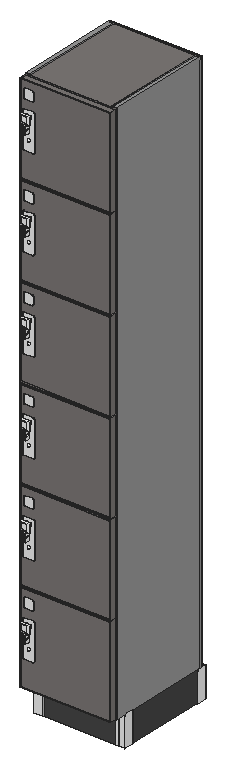
Revit family "Wood_Lockers_Hasps-Salsbury_Industries-46000_Series-1_Wide_Units", category Specialty Equipment, Revit 2022 (continued)
Definition of nested family "Premier Locker Doors_Hasp"
  Dimensions and locks (in)
    locked: plane 38 "Inner Knob" to plane 39 "Front of Knob" at 0.031
    locked: plane 40 to plane 20 "Top of Lock" at 1.125
    locked: plane 21 "Bottom of Lock" to plane 41 at 1.125
    locked: plane 20 "Top of Lock" to plane 42 at 0.125
    locked: plane 18 "Right Side of Lock" to plane 43 at 0.125
    locked: plane 44 to plane 17 "Left Side of Lock" at 0.125
    plane 42 to plane 45 = 1.250"
    locked: plane 45 to plane 46 "Top of Hole" at 0.125
    plane 48 to plane 30 "Center of Lock" to plane 47 = 0.188" locked, 0.188" locked
    locked: plane 46 "Top of Hole" to plane 49 "Bottom of Hole" at 1.25
    plane 49 "Bottom of Hole" to plane 50 "Stud Alignment" = 0.750"
    locked: plane 42 to plane 51 "Center of Handle" at 0.625
    plane 52 to plane 51 "Center of Handle" to plane 53 = 0.188" locked, 0.188" locked
    plane 7 "Front of Door" to plane 39 "Front of Knob" = 0.750"
    locked: plane 42 to plane 54 at 0.22204
    locked: plane 55 to plane 45 at 0.22204
    locked: plane 7 "Front of Door" to plane 56 "Front of Latch" at 0.625
    locked: plane 57 to plane 58 at 1
    locked: plane 46 "Top of Hole" to plane 57 at 0.1281
    equal spacing: plane 58, plane 59, plane 57
    locked: plane 60 to plane 5 "Right Side of Door" at 0.594
    locked: plane 57 to plane 61 at 0.0599
    locked: plane 62 to plane 58 at 0.06376
    plane 12 "Bottom of Number Tag" to plane 20 "Top of Lock" = 1.1875"
    aligned and locked: level to plane 2
    aligned and locked: Extrusion 5 to plane 11 "Top of Number Tag"
    aligned and locked: plane 12 "Bottom of Number Tag" to Extrusion 5
    aligned and locked: Extrusion 5 to plane 14 "Right Side of Number Tag"
    aligned and locked: Extrusion 5 to plane 13 "Left Side of Number Tag"
    aligned and locked: plane 29 "Back of Number Plate Inset" to Extrusion 5
    aligned and locked: plane 7 "Front of Door" to Extrusion 5
    aligned and locked: plane 29 "Back of Number Plate Inset" to Extrusion 6
    aligned and locked: plane 7 "Front of Door" to Extrusion 6
    aligned and locked: Extrusion 6 to plane 14 "Right Side of Number Tag"
    aligned and locked: Extrusion 6 to plane 13 "Left Side of Number Tag"
    aligned and locked: Extrusion 6 to plane 11 "Top of Number Tag"
    aligned and locked: plane 12 "Bottom of Number Tag" to Extrusion 6
    aligned and locked: curve 9 to Extrusion 8
    aligned and locked: curve 10 to Extrusion 8
    aligned and locked: curve 11 to Extrusion 8
    aligned and locked: Extrusion 7 to curve 12
    aligned and locked: curve 14 to Extrusion 7
    aligned and locked: curve 16 to plane 7 "Front of Door"
    aligned and locked: curve 19 to Extrusion 8  (x2)
    aligned and locked: curve 21 to Extrusion 8
    aligned and locked: curve 18 to curve 22
    aligned and locked: curve 22 to Extrusion 9  (x2)
    aligned and locked: curve 24 to Extrusion 9
    aligned and locked: curve 25 to Extrusion 10
    aligned and locked: curve 26 to Extrusion 10
    aligned and locked: curve 27 to Extrusion 10
    aligned and locked: plane 20 "Top of Lock" to Extrusion 11 sketch curve
    aligned and locked: Extrusion 11 sketch curve to plane 21 "Bottom of Lock"
    aligned and locked: Extrusion 11 to plane 29 "Back of Number Plate Inset"
    aligned and locked: plane 7 "Front of Door" to Extrusion 11
    aligned and locked: Extrusion 3 to Extrusion 11
    aligned and locked: plane 50 "Stud Alignment" to Sweep 14  (x2)
    aligned and locked: Extrusion 15 to plane 7 "Front of Door"
    aligned and locked: Extrusion 15 to plane 22 "Front of Hasp Stud"
    aligned and locked: plane 50 "Stud Alignment" to Extrusion 15
    aligned and locked: Blend 17 to plane 39 "Front of Knob"
    aligned and locked: plane 38 "Inner Knob" to Blend 17
    aligned and locked: plane 6 "Back of Door" to Extrusion 18 sketch curve
    aligned and locked: plane 56 "Front of Latch" to Extrusion 18 sketch curve
    aligned and locked: Extrusion 18 to plane 57
    aligned and locked: plane 58 to Extrusion 18
    aligned and locked: plane 59 to cut or joined group of Extrusion 18, Extrusion 19
    aligned and locked: plane 61 to Extrusion 13 sketch curve  (x2)
    aligned and locked: plane 62 to Extrusion 13 sketch curve  (x2)
  Automatic sketch dimensions
    Extrusion 1 sketch curve to plane 4 "Left Side of Door" = 0.031"
    plane 5 "Right Side of Door" to Extrusion 1 sketch curve = 0.031"
    level to Extrusion 1 sketch curve = 0.031"
    plane 9 "Top of Door" to Extrusion 1 sketch curve = 0.031"
    Extrusion 2 sketch curve to plane 4 "Left Side of Door" = 0.031"
    plane 5 "Right Side of Door" to Extrusion 2 sketch curve = 0.031"
    level to Extrusion 2 sketch curve = 0.031"
    plane 9 "Top of Door" to Extrusion 2 sketch curve = 0.031"
    Extrusion 3 sketch curve to plane 4 "Left Side of Door" = 0.031"
    plane 5 "Right Side of Door" to Extrusion 3 sketch curve = 0.031"
    level to Extrusion 3 sketch curve = 0.031"
    plane 9 "Top of Door" to Extrusion 3 sketch curve = 0.031"
    plane 23 "Left Side of Door-Right Side of Trim" to Sweep 4 sketch curve = 0.000"
    plane 24 "Right Side of Door-Left Side of Trim" to Sweep 4 sketch curve = 0.000"  (x2)
    Sweep 4 sketch curve to plane 26 "Bottom of Door-Top of Trim" = 0.000"
    Sweep 4 sketch curve to plane 25 "Top of Door-Bottom of Trim" = 0.000"
    profile plane to Sweep 4 sketch curve = 0.125"
    Sweep 4 sketch curve to Sweep 4 sketch curve = 0.031"
    Sweep 4 sketch curve to plane 1 "Center (Front/Back)" = 0.375"
    plane 1 "Center (Front/Back)" to Sweep 4 sketch curve = 0.375"
    Extrusion 7 sketch curve to plane 33 = 0.000"
    Extrusion 7 sketch curve to plane 34 = 0.000"
    plane 36 to Extrusion 8 sketch curve = 0.000"
    Extrusion 8 sketch curve to Extrusion 8 sketch curve = 0.500"
    plane 35 "Top Hinge" to Extrusion 8 sketch curve = 0.250"
    Extrusion 8 sketch curve to plane 35 "Top Hinge" = 0.250"
    plane 36 to Extrusion 9 sketch curve = 0.000"
    Extrusion 9 sketch curve to Extrusion 9 sketch curve = 0.500"
    plane 37 "Bottom Hinge" to Extrusion 9 sketch curve = 0.250"
    Extrusion 9 sketch curve to plane 37 "Bottom Hinge" = 0.250"
    plane 36 to Extrusion 10 sketch curve = 0.000"
    Extrusion 10 sketch curve to Extrusion 10 sketch curve = 0.500"
    curve 4 to level = 0.000"
    plane 4 "Left Side of Door" to curve 4 = 0.000"
    plane 5 "Right Side of Door" to curve 3 = 0.000"
    curve 3 to plane 9 "Top of Door" = 0.000"
    Extrusion 5 sketch curve to plane 13 "Left Side of Number Tag" = 0.000"
    Extrusion 5 sketch curve to plane 12 "Bottom of Number Tag" = 0.000"
    Extrusion 5 sketch curve to plane 11 "Top of Number Tag" = 0.000"
    Extrusion 5 sketch curve to plane 14 "Right Side of Number Tag" = 0.000"
    Extrusion 6 sketch curve to plane 13 "Left Side of Number Tag" = 0.000"
    Extrusion 6 sketch curve to plane 12 "Bottom of Number Tag" = 0.000"
    Extrusion 6 sketch curve to plane 11 "Top of Number Tag" = 0.000"
    Extrusion 6 sketch curve to plane 14 "Right Side of Number Tag" = 0.000"
    Extrusion 11 sketch curve to plane 13 "Left Side of Number Tag" = 0.125"
    Extrusion 10 sketch curve to plane 10 "Center of Door" = 0.250"
    plane 10 "Center of Door" to Extrusion 10 sketch curve = 0.250"
    Extrusion 11 sketch curve to plane 21 "Bottom of Lock" = 0.125"
    plane 13 "Left Side of Number Tag" to Extrusion 5 sketch curve = 0.14916"
    Extrusion 5 sketch curve to Extrusion 5 sketch curve = 0.14916"  (x2)
    plane 13 "Left Side of Number Tag" to Extrusion 6 sketch curve = 0.14916"
    Extrusion 6 sketch curve to plane 12 "Bottom of Number Tag" = 0.14916"
    plane 13 "Left Side of Number Tag" to Extrusion 11 sketch curve = 0.000"  (x2)
    Extrusion 5 sketch curve to plane 12 "Bottom of Number Tag" = 0.14916"
    Extrusion 6 sketch curve to plane 14 "Right Side of Number Tag" = 0.14916"  (x2)
    plane 14 "Right Side of Number Tag" to Extrusion 11 sketch curve = 0.000"  (x2)
    Extrusion 12 sketch curve to plane 17 "Left Side of Lock" = 0.000"
    plane 13 "Left Side of Number Tag" to Extrusion 12 sketch curve = 0.000"  (x2)
    plane 14 "Right Side of Number Tag" to Extrusion 12 sketch curve = 0.000"  (x2)
    Extrusion 12 sketch curve to plane 20 "Top of Lock" = 0.000"
    Extrusion 12 sketch curve to plane 18 "Right Side of Lock" = 0.000"
    Extrusion 12 sketch curve to plane 21 "Bottom of Lock" = 0.125"
    plane 15 "Horizontal Center of Number Tag" to Sweep 14 sketch curve = 0.000"
    Sweep 14 sketch curve to plane 50 "Stud Alignment" = 0.000"
    Sweep 14 sketch curve to plane 7 "Front of Door" = 0.000"
    Sweep 14 sketch curve to profile plane = 0.000"
    profile plane to Sweep 14 sketch curve = 0.00168"
    profile plane to Sweep 14 sketch curve = 0.156"
    Sweep 14 sketch curve to plane 7 "Front of Door" = 0.03275"
    Extrusion 15 sketch curve to Extrusion 15 sketch curve = 0.000"  (x2)
    Extrusion 15 sketch curve to plane 50 "Stud Alignment" = 0.000"
    plane 15 "Horizontal Center of Number Tag" to Extrusion 15 sketch curve = 0.000"
    plane 15 "Horizontal Center of Number Tag" to Extrusion 15 sketch curve = 0.010"
    plane 13 "Left Side of Number Tag" to Sweep 16 sketch curve = 0.000"
    plane 14 "Right Side of Number Tag" to Sweep 16 sketch curve = 0.000"
    Sweep 16 sketch curve to plane 45 = 0.000"
    Sweep 16 sketch curve to plane 42 = 0.000"
    Sweep 16 sketch curve to plane 7 "Front of Door" = 0.000"
    profile plane to Sweep 16 sketch curve = 0.000"
    profile plane to Sweep 16 sketch curve = 0.22043"
    Sweep 16 sketch curve to Sweep 16 sketch curve = 0.01681"
    profile plane to Sweep 16 sketch curve = 0.33926"
    Sweep 16 sketch curve to Sweep 16 sketch curve = 0.14344"
    Sweep 16 sketch curve to Sweep 16 sketch curve = 0.15329"
    Sweep 16 sketch curve to Sweep 16 sketch curve = 0.59563"
    Sweep 16 sketch curve to Sweep 16 sketch curve = 0.24142"
    Sweep 16 sketch curve to Sweep 16 sketch curve = 0.00858"
    Sweep 16 sketch curve to Sweep 16 sketch curve = 0.51788"
    Sweep 16 sketch curve to Sweep 16 sketch curve = 0.31119"
    Sweep 16 sketch curve to Sweep 16 sketch curve = 0.11721"
    Sweep 16 sketch curve to Sweep 16 sketch curve = 0.01742"
    Sweep 16 sketch curve to Sweep 16 sketch curve = 0.06553"
    Sweep 16 sketch curve to Sweep 16 sketch curve = 0.000"
    Blend 17 sketch curve to plane 54 = 0.000"
    Blend 17 sketch curve to plane 55 = 0.000"
    Blend 17 sketch curve to plane 47 = 0.21496"
    plane 48 to Blend 17 sketch curve = 0.21496"
    plane 54 to Blend 17 sketch curve = 0.03267"
    Blend 17 sketch curve to plane 40 = 0.00461"
    Blend 17 sketch curve to plane 47 = 0.18235"
    plane 48 to Blend 17 sketch curve = 0.18227"
    Extrusion 18 sketch curve to plane 57 = 0.000"
    Extrusion 18 sketch curve to plane 58 = 0.000"
    plane 59 to Extrusion 19 sketch curve = 0.000"
    Extrusion 19 sketch curve to plane 22 "Front of Hasp Stud" = 0.16637"
    curve 29 to plane 14 "Right Side of Number Tag" = 0.000"
    curve 29 to plane 20 "Top of Lock" = 0.000"
    curve 30 to plane 18 "Right Side of Lock" = 0.000"
    curve 29 to plane 13 "Left Side of Number Tag" = 0.000"
    curve 31 to plane 42 = 0.000"
    curve 32 to plane 21 "Bottom of Lock" = 0.125"
    curve 34 to plane 14 "Right Side of Number Tag" = 0.000"
    curve 35 to plane 13 "Left Side of Number Tag" = 0.000"
    plane 15 "Horizontal Center of Number Tag" to curve 37 = 0.000"
    plane 47 to curve 37 = 0.000"
    plane 57 to curve 37 = 0.0599"
    curve 39 to plane 58 = 0.0661"
    curve 42 to plane 14 "Right Side of Number Tag" = 0.000"
    curve 41 to plane 13 "Left Side of Number Tag" = 0.000"
    curve 41 to plane 45 = 0.000"
    curve 43 to plane 42 = 0.000"
    curve 46 to plane 57 = 0.000"
    curve 46 to plane 15 "Horizontal Center of Number Tag" = 0.063"
    plane 15 "Horizontal Center of Number Tag" to curve 45 = 0.063"
    curve 47 to plane 58 = 0.000"
    curve 15 to plane 6 "Back of Door" = 0.000"
    plane 9 "Top of Door" to curve 15 = 0.000"
    plane 57 to curve 49 = 0.000"
    curve 51 to plane 56 "Front of Latch" = 0.000"
    plane 58 to curve 51 = 0.000"
    curve 17 to level = 0.000"
    plane 59 to curve 52 = 0.000"
    curve 53 to plane 22 "Front of Hasp Stud" = 0.16637"
    plane 7 "Front of Door" to curve 53 = 0.04137"
    plane 53 to curve 54 = 0.05633"
    curve 54 to plane 22 "Front of Hasp Stud" = 0.11642"
    plane 55 to curve 55 = 0.00161"
    curve 55 to plane 40 = 0.00465"
    plane 45 to curve 56 = 0.000"
    curve 56 to plane 39 "Front of Knob" = 0.01788"
    curve 56 to plane 40 = 0.08926"
    plane 55 to curve 57 = 0.000"
    curve 57 to plane 40 = 0.03757"
    plane 39 "Front of Knob" to curve 57 = 0.004"
    plane 42 to curve 60 = 0.000"
    curve 58 to plane 39 "Front of Knob" = 0.000"
    plane 54 to curve 58 = 0.000"
    plane 54 to curve 59 = 0.000"
    plane 55 to curve 58 = 0.000"
    curve 60 to plane 39 "Front of Knob" = 0.01788"
    curve 60 to plane 52 = 0.09774"
    plane 54 to curve 60 = 0.03261"
    plane 56 "Front of Latch" to curve 59 = 0.02711"
    plane 54 to curve 59 = 0.06553"
    plane 39 "Front of Knob" to curve 59 = 0.004"
    curve 61 to plane 54 = 0.00161"
    curve 61 to plane 22 "Front of Hasp Stud" = 0.11642"
    plane 6 "Back of Door" to curve 9 = 0.000"
    curve 6 to plane 4 "Left Side of Door" = 0.000"
    plane 7 "Front of Door" to curve 6 = 0.000"
    plane 7 "Front of Door" to curve 28 = 0.000"
    curve 67 to plane 14 "Right Side of Number Tag" = 0.000"
    curve 65 to plane 13 "Left Side of Number Tag" = 0.000"
    curve 66 to plane 39 "Front of Knob" = 0.000"
    curve 28 to plane 17 "Left Side of Lock" = 0.000"
    curve 28 to plane 18 "Right Side of Lock" = 0.000"
    curve 8 to plane 5 "Right Side of Door" = 0.000"
    curve 64 to plane 22 "Front of Hasp Stud" = 0.11642"
    curve 69 to plane 22 "Front of Hasp Stud" = 0.11642"
    curve 68 to plane 39 "Front of Knob" = 0.01788"
    curve 65 to plane 39 "Front of Knob" = 0.01788"
    curve 14 to plane 23 "Left Side of Door-Right Side of Trim" = 0.07537"
    plane 48 to curve 64 = 0.21657"
    plane 48 to curve 65 = 0.09774"
    plane 48 to curve 63 = 0.05633"
    curve 70 to plane 47 = 0.05633"
    curve 68 to plane 47 = 0.09774"
    curve 69 to curve 69 = 0.16024"
    curve 64 to curve 65 = 0.15655"
    curve 69 to curve 68 = 0.15655"
    plane 39 "Front of Knob" to curve 67 = 0.004"
    plane 33 to curve 14 = 0.250"
    curve 66 to curve 65 = 0.11721"
    curve 67 to plane 47 = 0.14943"
    curve 68 to curve 66 = 0.11721"
    curve 67 to curve 66 = 0.000"
    plane 39 "Front of Knob" to curve 71 = 0.004"
    curve 71 to curve 66 = 0.000"
    plane 48 to curve 71 = 0.14943"
    plane 1 "Center (Front/Back)" to curve 73 = 0.000"
    curve 73 to plane 4 "Left Side of Door" = 0.000"
    curve 73 to plane 60 = 0.000"
    plane 48 to Extrusion 13 sketch curve = 0.000"
    plane 15 "Horizontal Center of Number Tag" to Extrusion 13 sketch curve = 0.000"
    radius of Extrusion 7 sketch curve = 0.250"
    radius of Sweep 14 sketch curve = 0.010"
    radius of Extrusion 19 sketch curve = 0.250"
Definition of nested family "Wood Locker Bases"
  Parameters (values of type "Base - 12" W x 15" D Lockers")
    Width = 12.000"
    Visible Base = yes
    Visible = no
    Model = "Base - 12\" W x 15\" D Lockers"
    Manufacturer = "Salsbury Industries"
    Height = 4.000"
    Depth = 13.250"
    Default Elevation = 0.000"
    Base Secondary Material = none
    Base Primary Materials = none
    Base Hardware = none
  Types (14): name | Width | Visible Base | Visible | Model | Depth
    (no name) | 12.000" | yes | no | "Base - 12\" W x 15\" D Lockers" | 13.250"
    Base - 12" W x 15" D Lockers | 12.000" | yes | no | "Base - 12\" W x 15\" D Lockers" | 13.250"
    Base - 12" W x 18" D Lockers | 12.000" | yes | no | "Base - 12\" W x 18\" D Lockers" | 16.250"
    Base - 12" W x 21" D Lockers | 12.000" | yes | no | "Base - 12\" W x 21\" D Lockers" | 19.250"
    Base - 36" W x 15" D Lockers | 36.000" | yes | yes | "Base - 36\" W x 15\" D Lockers" | 13.250"
    Base - 36" W x 18" D Lockers | 36.000" | yes | yes | "Base - 36\" W x 18\" D Lockers" | 16.250"
    Base - 36" W x 21" D Lockers | 36.000" | yes | yes | "Base - 36\" W x 21\" D Lockers" | 19.250"
    Base - 15" W x 18" D Lockers | 15.000" | yes | no | "Base - 15\" W x 18\" D Lockers" | 16.250"
    Base - 15" W x 21" D Lockers | 15.000" | yes | no | "Base - 15\" W x 21\" D Lockers" | 19.250"
    Base - 15" W x 24" D Lockers | 15.000" | yes | no | "Base - 15\" W x 24\" D Lockers" | 22.250"
    Base - 45" W x 18" D Lockers | 45.000" | yes | yes | "Base - 45\" W x 18\" D Lockers" | 16.250"
    Base - 45" W x 21" D Lockers | 45.000" | yes | yes | "Base - 45\" W x 21\" D Lockers" | 19.250"
    Base - 45" W x 24" D Lockers | 45.000" | yes | yes | "Base - 45\" W x 24\" D Lockers" | 22.250"
    None | 12.000" | no | no | "Base - 12\" W x 15\" D Lockers" | 13.250"
  Reference planes (in)
    plane 1 "Center (Front/Back)": y = 0
    plane 2: z = 0
    plane 3 "Center (Left/Right)": x = 0
    plane 4 "Left Edge": x = -6
    plane 5 "Right Edge": x = 6
    plane 6 "Back Edge": y = 6.625
    plane 7 "Front Edge": y = -6.625
    plane 8 "Bottom Edge": z = 0
    plane 9 "Top Edge": z = 4
    plane 10: x = -4.75
    plane 11: x = -4.102
    plane 12: y = 6.562
    plane 13: y = 5.8
    plane 14: x = -5.131
    plane 15: x = -5.256
    plane 16: x = -5.937
    plane 17: x = -5.175
    plane 18: y = 4.727
    plane 19: y = 5.375
    plane 20: y = 5.756
    plane 21: y = 5.881
    plane 22: x = -5.931
    plane 23: x = 5.931
    plane 24: y = 6.556
    plane 25: y = -6.556
    plane 26: y = 6.525
    plane 27: y = -6.525
    plane 28: x = -5.9
    plane 29: x = 5.9
    plane 30: x = -2.375
    plane 31: x = 2.375
  Forms (in)
    Extrusion 1, solid, material <- "Base Hardware", visible <- "Visible Base"
      sketch origin (0, 0, 0) x (1, 0, 0) y (0, 1, 0)
        loop
          arc (-5.96712, 6.625) -> (-5.99098, 6.61598) -> (-6, 6.59212) r 0.031
          line (-6, 6.59212) -> (-6, 5.4065)
          arc (-6, 5.4065) -> (-5.9685, 5.375) -> (-5.937, 5.4065) r 0.0315
          line (-5.937, 5.4065) -> (-5.937, 5.756) -> (-5.837, 5.756) -> (-5.837, 5.819) -> (-5.937, 5.819) -> (-5.937, 6.51465) -> (-5.256, 5.83365) -> (-5.256, 5.756) -> (-5.175, 5.756) -> (-5.175, 4.75833)
          arc (-5.175, 4.75833) -> (-5.14367, 4.727) -> (-5.11235, 4.75833) r 0.03133
          line (-5.11235, 4.75833) -> (-5.11235, 5.73703) -> (-4.13348, 5.73703)
          arc (-4.13348, 5.73703) -> (-4.102, 5.76852) -> (-4.13348, 5.8) r 0.03148
          line (-4.13348, 5.8) -> (-5.131, 5.8) -> (-5.131, 5.881) -> (-5.21422, 5.881) -> (-5.89522, 6.562) -> (-5.194, 6.562) -> (-5.194, 6.462) -> (-5.131, 6.462) -> (-5.131, 6.562) -> (-4.7814, 6.562)
          arc (-4.7814, 6.562) -> (-4.7499, 6.5935) -> (-4.7814, 6.625) r 0.0315
          line (-4.7814, 6.625) -> (-5.96712, 6.625)
      from 0 to 4
    Extrusion 2, solid, material <- "Base Hardware", visible <- "Visible Base"
      sketch origin (0, 0, 0) x (-1, 0, 0) y (0, -1, 0)
        loop
          line (-5.96712, -6.625) -> (-4.7814, -6.625)
          arc (-4.7814, -6.625) -> (-4.7499, -6.5935) -> (-4.7814, -6.562) r 0.0315
          line (-4.7814, -6.562) -> (-5.131, -6.562) -> (-5.131, -6.462) -> (-5.194, -6.462) -> (-5.194, -6.562) -> (-5.89522, -6.562) -> (-5.21422, -5.881) -> (-5.131, -5.881) -> (-5.131, -5.8) -> (-4.13348, -5.8)
          arc (-4.13348, -5.8) -> (-4.102, -5.76852) -> (-4.13348, -5.73703) r 0.03148
          line (-4.13348, -5.73703) -> (-5.11235, -5.73703) -> (-5.11235, -4.75833)
          arc (-5.11235, -4.75833) -> (-5.14367, -4.727) -> (-5.175, -4.75833) r 0.03133
          line (-5.175, -4.75833) -> (-5.175, -5.756) -> (-5.256, -5.756) -> (-5.256, -5.83365) -> (-5.937, -6.51465) -> (-5.937, -5.819) -> (-5.837, -5.819) -> (-5.837, -5.756) -> (-5.937, -5.756) -> (-5.937, -5.4065)
          arc (-5.937, -5.4065) -> (-5.9685, -5.375) -> (-6, -5.4065) r 0.0315
          line (-6, -5.4065) -> (-6, -6.59212)
          arc (-6, -6.59212) -> (-5.99098, -6.61598) -> (-5.96712, -6.625) r 0.031
      from 0 to 4
    Extrusion 3, solid, material <- "Base Hardware", visible <- "Visible Base"
      sketch origin (0, 0, 0) x (1, 0, 0) y (0, 1, 0)
        loop
          line (-5.96712, -6.625) -> (-4.7814, -6.625)
          arc (-4.7814, -6.625) -> (-4.7499, -6.5935) -> (-4.7814, -6.562) r 0.0315
          line (-4.7814, -6.562) -> (-5.131, -6.562) -> (-5.131, -6.462) -> (-5.194, -6.462) -> (-5.194, -6.562) -> (-5.89522, -6.562) -> (-5.21422, -5.881) -> (-5.131, -5.881) -> (-5.131, -5.8) -> (-4.13348, -5.8)
          arc (-4.13348, -5.8) -> (-4.102, -5.76852) -> (-4.13348, -5.73703) r 0.03148
          line (-4.13348, -5.73703) -> (-5.11235, -5.73703) -> (-5.11235, -4.75833)
          arc (-5.11235, -4.75833) -> (-5.14367, -4.727) -> (-5.175, -4.75833) r 0.03133
          line (-5.175, -4.75833) -> (-5.175, -5.756) -> (-5.256, -5.756) -> (-5.256, -5.83365) -> (-5.937, -6.51465) -> (-5.937, -5.819) -> (-5.837, -5.819) -> (-5.837, -5.756) -> (-5.937, -5.756) -> (-5.937, -5.4065)
          arc (-5.937, -5.4065) -> (-5.9685, -5.375) -> (-6, -5.4065) r 0.0315
          line (-6, -5.4065) -> (-6, -6.59212)
          arc (-6, -6.59212) -> (-5.99098, -6.61598) -> (-5.96712, -6.625) r 0.031
      from 0 to 4
    Extrusion 4, solid, material <- "Base Hardware", visible <- "Visible Base"
      sketch origin (0, 0, 0) x (-1, 0, 0) y (0, -1, 0)
        loop
          arc (-5.96712, 6.625) -> (-5.99098, 6.61598) -> (-6, 6.59212) r 0.031
          line (-6, 6.59212) -> (-6, 5.4065)
          arc (-6, 5.4065) -> (-5.9685, 5.375) -> (-5.937, 5.4065) r 0.0315
          line (-5.937, 5.4065) -> (-5.937, 5.756) -> (-5.837, 5.756) -> (-5.837, 5.819) -> (-5.937, 5.819) -> (-5.937, 6.51465) -> (-5.256, 5.83365) -> (-5.256, 5.756) -> (-5.175, 5.756) -> (-5.175, 4.75833)
          arc (-5.175, 4.75833) -> (-5.14367, 4.727) -> (-5.11235, 4.75833) r 0.03133
          line (-5.11235, 4.75833) -> (-5.11235, 5.73703) -> (-4.13348, 5.73703)
          arc (-4.13348, 5.73703) -> (-4.102, 5.76852) -> (-4.13348, 5.8) r 0.03148
          line (-4.13348, 5.8) -> (-5.131, 5.8) -> (-5.131, 5.881) -> (-5.21422, 5.881) -> (-5.89522, 6.562) -> (-5.194, 6.562) -> (-5.194, 6.462) -> (-5.131, 6.462) -> (-5.131, 6.562) -> (-4.7814, 6.562)
          arc (-4.7814, 6.562) -> (-4.7499, 6.5935) -> (-4.7814, 6.625) r 0.0315
          line (-4.7814, 6.625) -> (-5.96712, 6.625)
      from 0 to 4
    Extrusion 5, solid, material <- "Base Secondary Material", visible <- "Visible Base"
      sketch origin (0, 0, 0) x (0, -1, 0) y (1, 0, 0)
        loop
          line (-5.756, 5.9) -> (-5.756, 5.181) -> (5.75697, 5.181) -> (5.75697, 5.9) -> (-5.756, 5.9)
      from 0 to 4
    Extrusion 6, solid, material <- "Base Secondary Material", visible <- "Visible Base"
      sketch origin (0, 0, 0) x (0, -1, 0) y (1, 0, 0)
        loop
          line (-5.756, -5.9) -> (5.75697, -5.9) -> (5.75697, -5.181) -> (-5.756, -5.181) -> (-5.756, -5.9)
      from 0 to 4
    Extrusion 7, solid, material <- "Base Secondary Material", visible <- "Visible Base"
      sketch origin (-2.05521, 0.625, 0) x (1, 0, 0) y (0, 1, 0)
        loop
          line (-3.07579, 5.9) -> (-3.07579, 5.181) -> (7.18621, 5.181) -> (7.18621, 5.9) -> (-3.07579, 5.9)
      from 0 to 4
    Extrusion 8, solid, material <- "Base Secondary Material", visible <- "Visible Base"
      sketch origin (-2.05521, -0.625, 0) x (1, 0, 0) y (0, 1, 0)
        loop
          line (-3.07579, -5.9) -> (7.18621, -5.9) -> (7.18621, -5.181) -> (-3.07579, -5.181) -> (-3.07579, -5.9)
      from 0 to 4
    Extrusion 9, solid, material <- "Base Primary Materials", visible <- "Visible Base"
      sketch origin (0.76452, 0, 0) x (0, -1, 0) y (1, 0, 0)
        loop
          line (-5.756, 5.16648) -> (-5.756, 5.13548) -> (5.75697, 5.13548) -> (5.75697, 5.16648) -> (-5.756, 5.16648)
      from 0 to 4
    Extrusion 10, solid, material <- "Base Primary Materials", visible <- "Visible Base"
      sketch origin (-0.719, 0, 0) x (0, -1, 0) y (1, 0, 0)
        loop
          line (-5.756, -5.212) -> (5.75697, -5.212) -> (5.75697, -5.181) -> (-5.756, -5.181) -> (-5.756, -5.212)
      from 0 to 4
    Extrusion 11, solid, material <- "Base Primary Materials", visible <- "Visible Base"
      sketch origin (-2.05521, 1.344, 0) x (1, 0, 0) y (0, 1, 0)
        loop
          line (-3.07579, 5.218) -> (-3.07579, 5.181) -> (7.18621, 5.181) -> (7.18621, 5.218) -> (-3.07579, 5.218)
      from 0 to 4
    Extrusion 12, solid, material <- "Base Primary Materials", visible <- "Visible Base"
      sketch origin (-2.05521, -1.344, 0) x (1, 0, 0) y (0, 1, 0)
        loop
          line (-3.07579, -5.212) -> (7.18621, -5.212) -> (7.18621, -5.181) -> (-3.07579, -5.181) -> (-3.07579, -5.212)
      from 0 to 4
    Extrusion 13, solid, material <- "Base Secondary Material", visible <- "Visible"
      sketch origin (0, 0, 4) x (0, -1, 0) y (1, 0, 0)
        loop
          line (-5.806, -2.375) -> (5.806, -2.375) -> (5.806, 2.375) -> (-5.806, 2.375) -> (-5.806, -2.375)
      from 0 to -0.75
    Extrusion 14, solid, material <- "Base Secondary Material", visible <- "Visible"
      sketch origin (0, 0, 0) x (0, -1, 0) y (1, 0, 0)
        loop
          line (-5.806, -2.375) -> (-5.056, -2.375) -> (-5.056, 2.375) -> (-5.806, 2.375) -> (-5.806, -2.375)
      from 0 to 3.25
    Extrusion 15, solid, material <- "Base Secondary Material", visible <- "Visible"
      sketch origin (0, 0, 0) x (0, 1, 0) y (-1, 0, 0)
        loop
          line (-5.806, 2.375) -> (-5.806, -2.375) -> (-5.056, -2.375) -> (-5.056, 2.375) -> (-5.806, 2.375)
      from 0 to 3.25
  Dimensions and locks (in)
    equal spacing: plane 4 "Left Edge", plane 3 "Center (Left/Right)", plane 5 "Right Edge"
    "Width": plane 4 "Left Edge" to plane 5 "Right Edge"
    equal spacing: plane 7 "Front Edge", plane 1 "Center (Front/Back)", plane 6 "Back Edge"
    "Depth": plane 7 "Front Edge" to plane 6 "Back Edge"
    "Height": plane 9 "Top Edge" to plane 8 "Bottom Edge"
    locked: plane 4 "Left Edge" to plane 10 at 1.25
    locked: plane 4 "Left Edge" to plane 11 at 1.898
    locked: plane 12 to plane 6 "Back Edge" at 0.063
    plane 14 to plane 10 = 0.381"
    locked: plane 12 to plane 13 at 0.762
    locked: plane 4 "Left Edge" to plane 16 at 0.063
    locked: plane 16 to plane 17 at 0.762
    locked: plane 19 to plane 6 "Back Edge" at 1.25
    locked: plane 18 to plane 6 "Back Edge" at 1.898
    plane 15 to plane 17 = 0.081"
    plane 21 to plane 13 = 0.081"
    plane 19 to plane 20 = 0.381"
    plane 24 to plane 6 "Back Edge" = 0.069"
    plane 7 "Front Edge" to plane 25 = 0.069"
    plane 23 to plane 5 "Right Edge" = 0.069"
    plane 4 "Left Edge" to plane 22 = 0.069"
    plane 26 to plane 24 = 0.031"
    plane 25 to plane 27 = 0.031"
    plane 22 to plane 28 = 0.031"
    plane 29 to plane 23 = 0.031"
    plane 30 to plane 3 "Center (Left/Right)" to plane 31 = 2.375" locked, 2.375" locked
    aligned and locked: level to plane 2
    aligned and locked: plane 30 to Extrusion 13
    aligned and locked: plane 30 to Extrusion 14
    aligned and locked: plane 30 to Extrusion 15
    aligned and locked: Extrusion 13 to plane 31
    aligned and locked: Extrusion 14 to plane 31
    aligned and locked: Extrusion 15 to plane 31
  Automatic sketch dimensions
    Extrusion 1 sketch curve to plane 4 "Left Edge" = 0.000"
    plane 6 "Back Edge" to Extrusion 1 sketch curve = 0.000"
    Extrusion 1 sketch curve to plane 16 = 0.000"  (x2)
    Extrusion 1 sketch curve to plane 12 = 0.000"  (x2)
    plane 20 to Extrusion 1 sketch curve = 0.000"  (x2)
    Extrusion 1 sketch curve to plane 15 = 0.000"
    plane 21 to Extrusion 1 sketch curve = 0.000"
    Extrusion 1 sketch curve to plane 17 = 0.000"
    Extrusion 1 sketch curve to plane 14 = 0.000"  (x2)
    Extrusion 1 sketch curve to plane 13 = 0.000"
    Extrusion 1 sketch curve to plane 4 "Left Edge" = 0.03094"
    plane 16 to Extrusion 1 sketch curve = 0.03012"
    Extrusion 1 sketch curve to plane 28 = 0.00478"
    Extrusion 1 sketch curve to plane 28 = 0.063"
    plane 17 to Extrusion 1 sketch curve = 0.03922"
    plane 17 to Extrusion 1 sketch curve = 0.019"
    plane 14 to Extrusion 1 sketch curve = 0.01267"
    plane 10 to Extrusion 1 sketch curve = 0.0314"
    plane 11 to Extrusion 1 sketch curve = 0.03148"
    plane 20 to Extrusion 1 sketch curve = 0.01897"
    Extrusion 1 sketch curve to plane 19 = 0.0315"
    Extrusion 1 sketch curve to plane 18 = 0.03133"
    plane 13 to Extrusion 1 sketch curve = 0.019"
    plane 13 to Extrusion 1 sketch curve = 0.03365"
    plane 26 to Extrusion 1 sketch curve = 0.063"
    plane 26 to Extrusion 1 sketch curve = 0.01035"
    plane 12 to Extrusion 1 sketch curve = 0.03012"
    Extrusion 2 sketch curve to plane 5 "Right Edge" = 0.000"
    plane 6 "Back Edge" to Extrusion 2 sketch curve = 0.000"
    plane 20 to Extrusion 2 sketch curve = 0.000"  (x2)
    plane 12 to Extrusion 2 sketch curve = 0.000"  (x2)
    plane 21 to Extrusion 2 sketch curve = 0.000"
    plane 13 to Extrusion 2 sketch curve = 0.000"
    Extrusion 2 sketch curve to plane 5 "Right Edge" = 0.03094"
    Extrusion 2 sketch curve to Extrusion 2 sketch curve = 0.0315"
    Extrusion 2 sketch curve to Extrusion 2 sketch curve = 0.00194"
    plane 23 to Extrusion 2 sketch curve = 0.006"
    Extrusion 2 sketch curve to plane 29 = 0.00478"
    Extrusion 2 sketch curve to plane 29 = 0.063"
    Extrusion 2 sketch curve to plane 13 = 0.03365"
    Extrusion 2 sketch curve to Extrusion 2 sketch curve = 0.581"
    Extrusion 2 sketch curve to Extrusion 2 sketch curve = 0.04178"
    Extrusion 2 sketch curve to plane 26 = 0.063"
    Extrusion 2 sketch curve to Extrusion 2 sketch curve = 0.02022"
    plane 18 to Extrusion 2 sketch curve = 0.03133"
    Extrusion 2 sketch curve to plane 29 = 0.725"
    Extrusion 2 sketch curve to Extrusion 2 sketch curve = 0.03133"
    Extrusion 2 sketch curve to Extrusion 2 sketch curve = 0.063"
    Extrusion 2 sketch curve to Extrusion 2 sketch curve = 0.08322"
    Extrusion 2 sketch curve to Extrusion 2 sketch curve = 0.3496"
    Extrusion 2 sketch curve to Extrusion 2 sketch curve = 0.97886"
    plane 19 to Extrusion 2 sketch curve = 0.0315"
    Extrusion 2 sketch curve to plane 20 = 0.01897"
    Extrusion 2 sketch curve to plane 13 = 0.019"
    Extrusion 2 sketch curve to plane 26 = 0.01035"
    Extrusion 2 sketch curve to plane 12 = 0.03012"
    Extrusion 3 sketch curve to plane 4 "Left Edge" = 0.000"
    plane 7 "Front Edge" to Extrusion 3 sketch curve = 0.000"
    Extrusion 3 sketch curve to plane 16 = 0.000"  (x2)
    Extrusion 3 sketch curve to plane 15 = 0.000"
    Extrusion 3 sketch curve to plane 17 = 0.000"
    Extrusion 3 sketch curve to plane 14 = 0.000"  (x2)
    plane 4 "Left Edge" to Extrusion 3 sketch curve = 0.03094"
    Extrusion 3 sketch curve to plane 16 = 0.03012"
    plane 28 to Extrusion 3 sketch curve = 0.00478"
    plane 28 to Extrusion 3 sketch curve = 0.063"
    Extrusion 3 sketch curve to plane 17 = 0.03922"
    Extrusion 3 sketch curve to plane 17 = 0.019"
    Extrusion 3 sketch curve to plane 14 = 0.01267"
    Extrusion 3 sketch curve to plane 25 = 0.006"  (x2)
    Extrusion 3 sketch curve to plane 10 = 0.0314"
    Extrusion 3 sketch curve to plane 11 = 0.03148"
    plane 27 to Extrusion 3 sketch curve = 0.01035"
    plane 27 to Extrusion 3 sketch curve = 0.063"
    Extrusion 3 sketch curve to Extrusion 3 sketch curve = 0.581"
    Extrusion 3 sketch curve to Extrusion 3 sketch curve = 0.04735"
    Extrusion 3 sketch curve to Extrusion 3 sketch curve = 0.01465"
    Extrusion 3 sketch curve to Extrusion 3 sketch curve = 0.081"
    Extrusion 3 sketch curve to Extrusion 3 sketch curve = 0.03148"
    Extrusion 3 sketch curve to Extrusion 3 sketch curve = 0.044"
    Extrusion 3 sketch curve to Extrusion 3 sketch curve = 0.063"
    Extrusion 3 sketch curve to Extrusion 3 sketch curve = 0.3495"
    Extrusion 3 sketch curve to Extrusion 3 sketch curve = 0.97871"
    plane 7 "Front Edge" to Extrusion 3 sketch curve = 0.03288"
    Extrusion 4 sketch curve to plane 5 "Right Edge" = 0.000"
    plane 7 "Front Edge" to Extrusion 4 sketch curve = 0.000"
    plane 5 "Right Edge" to Extrusion 4 sketch curve = 0.03094"
    Extrusion 4 sketch curve to Extrusion 4 sketch curve = 0.0315"
    Extrusion 4 sketch curve to Extrusion 4 sketch curve = 0.00194"
    Extrusion 4 sketch curve to plane 23 = 0.006"
    plane 29 to Extrusion 4 sketch curve = 0.00478"
    plane 29 to Extrusion 4 sketch curve = 0.063"
    Extrusion 4 sketch curve to Extrusion 4 sketch curve = 0.581"
    Extrusion 4 sketch curve to Extrusion 4 sketch curve = 0.04178"
    Extrusion 4 sketch curve to plane 27 = 0.063"
    Extrusion 4 sketch curve to Extrusion 4 sketch curve = 0.02022"
    plane 29 to Extrusion 4 sketch curve = 0.725"
    Extrusion 4 sketch curve to Extrusion 4 sketch curve = 0.03133"
    Extrusion 4 sketch curve to Extrusion 4 sketch curve = 0.063"  (x2)
    Extrusion 4 sketch curve to Extrusion 4 sketch curve = 0.08322"
    plane 25 to Extrusion 4 sketch curve = 0.006"  (x2)
    Extrusion 4 sketch curve to Extrusion 4 sketch curve = 0.3496"
    Extrusion 4 sketch curve to plane 27 = 0.725"
    Extrusion 4 sketch curve to Extrusion 4 sketch curve = 0.97886"
    Extrusion 4 sketch curve to Extrusion 4 sketch curve = 0.03148"
    Extrusion 4 sketch curve to Extrusion 4 sketch curve = 0.044"
    Extrusion 4 sketch curve to Extrusion 4 sketch curve = 0.000"
    Extrusion 4 sketch curve to Extrusion 4 sketch curve = 0.3495"
    Extrusion 4 sketch curve to Extrusion 4 sketch curve = 0.97871"
    Extrusion 4 sketch curve to Extrusion 4 sketch curve = 0.07765"
    Extrusion 4 sketch curve to Extrusion 4 sketch curve = 0.081"
    Extrusion 4 sketch curve to plane 27 = 0.01035"
    Extrusion 4 sketch curve to plane 7 "Front Edge" = 0.03288"
    plane 20 to Extrusion 5 sketch curve = 0.000"
    Extrusion 5 sketch curve to plane 29 = 0.000"
    Extrusion 5 sketch curve to plane 27 = 0.76803"
    plane 29 to Extrusion 5 sketch curve = 0.719"
    plane 20 to Extrusion 6 sketch curve = 0.000"
    Extrusion 6 sketch curve to plane 28 = 0.000"
    plane 27 to Extrusion 6 sketch curve = 0.76803"
    Extrusion 6 sketch curve to plane 17 = 0.006"
    Extrusion 7 sketch curve to plane 14 = 0.000"
    plane 26 to Extrusion 7 sketch curve = 0.000"
    plane 29 to Extrusion 7 sketch curve = 0.769"
    plane 13 to Extrusion 7 sketch curve = 0.006"
    Extrusion 8 sketch curve to plane 14 = 0.000"
    plane 27 to Extrusion 8 sketch curve = 0.000"
    Extrusion 8 sketch curve to plane 29 = 0.769"
    plane 27 to Extrusion 8 sketch curve = 0.719"
    plane 20 to Extrusion 9 sketch curve = 0.000"
    Extrusion 9 sketch curve to plane 23 = 0.000"
    Extrusion 9 sketch curve to plane 29 = 0.000"
    Extrusion 9 sketch curve to plane 27 = 0.76803"
    plane 20 to Extrusion 10 sketch curve = 0.000"
    Extrusion 10 sketch curve to plane 22 = 0.000"
    Extrusion 10 sketch curve to plane 28 = 0.000"
    plane 27 to Extrusion 10 sketch curve = 0.76803"
    Extrusion 11 sketch curve to plane 14 = 0.000"
    plane 12 to Extrusion 11 sketch curve = 0.000"
    plane 26 to Extrusion 11 sketch curve = 0.000"
    plane 29 to Extrusion 11 sketch curve = 0.769"
    Extrusion 12 sketch curve to plane 14 = 0.000"
    plane 25 to Extrusion 12 sketch curve = 0.000"
    plane 27 to Extrusion 12 sketch curve = 0.000"
    Extrusion 12 sketch curve to plane 29 = 0.769"
    plane 13 to Extrusion 13 sketch curve = 0.006"
    Extrusion 13 sketch curve to plane 27 = 0.719"
    Extrusion 13 sketch curve to plane 11 = 1.727"
    plane 3 "Center (Left/Right)" to Extrusion 13 sketch curve = 2.375"
    plane 13 to Extrusion 14 sketch curve = 0.006"
    plane 19 to Extrusion 14 sketch curve = 0.319"
    Extrusion 14 sketch curve to plane 11 = 1.727"
    plane 3 "Center (Left/Right)" to Extrusion 14 sketch curve = 2.375"
    plane 27 to Extrusion 15 sketch curve = 0.719"
    Extrusion 15 sketch curve to Extrusion 15 sketch curve = 0.750"
    plane 11 to Extrusion 15 sketch curve = 1.727"
    Extrusion 15 sketch curve to plane 3 "Center (Left/Right)" = 2.375"
Definition of nested family "Wood Locker Sloping Hoods"
  Parameters (values of type "44359 - for 15" Deep Lockers (3 Wide)")
    Width = 36.000"
    Visible = yes
    Version = "1.0 (12/15/23)"
    Type Comments = "Sloping Hood for Premier Wood Lockers"
    Model = "44359"
    Manufacturer = "Salsbury Industries"
    Laminate Surface = none
    Height = 5.743"
    Description = "For 15\" D - 3 Wide Lockers"
    Depth = 14.625"
    Default Elevation = 0.000"
  Types (20): name | Width | Visible | Version | Type Comments | Model | Manufacturer | Height | Description | Depth
    (no name) | 36.000" | yes | "1.0 (12/15/23)" | "Sloping Hood for Premier Wood Lockers" | "44359" | "Salsbury Industries" | 5.743" | "For 15\" D - 3 Wide Lockers" | 14.625"
    44357 - for 15" Deep Lockers (1 Wide) | 12.000" | yes | "1.0 (12/15/23)" | "Sloping Hood for Premier Wood Lockers" | "44357" | "Salsbury Industries" | 5.743" | "For 15\" D - 1 Wide Lockers" | 14.625"
    44353 - for 18" Deep Lockers (1 Wide) | 12.000" | yes | "1.0 (12/15/23)" | "Sloping Hood for Premier Wood Lockers" | "44353" | "Salsbury Industries" | 6.868" | "For 18\" D - 1 Wide Lockers" | 17.625"
    44352 - for 21" Deep Lockers (1 Wide) | 12.000" | yes | "1.0 (12/15/23)" | "Sloping Hood for Premier Wood Lockers" | "44352" | "Salsbury Industries" | 7.993" | "For 21\" D - 1 Wide Lockers" | 20.625"
    44359 - for 15" Deep Lockers (3 Wide) | 36.000" | yes | "1.0 (12/15/23)" | "Sloping Hood for Premier Wood Lockers" | "44359" | "Salsbury Industries" | 5.743" | "For 15\" D - 3 Wide Lockers" | 14.625"
    44356 - for 18" Deep Lockers (3 Wide) | 36.000" | yes | "1.0 (12/15/23)" | "Sloping Hood for Premier Wood Lockers" | "44356" | "Salsbury Industries" | 6.868" | "For 18\" D - 3 Wide Lockers" | 17.625"
    44354 - for 21" Deep Lockers (3 Wide) | 36.000" | yes | "1.0 (12/15/23)" | "Sloping Hood for Premier Wood Lockers" | "44354" | "Salsbury Industries" | 7.993" | "For 21\" D - 3 Wide Lockers" | 20.625"
    44255 - for 24" Deep Lockers (1 Wide) | 15.000" | yes | "1.0 (12/15/23)" | "Sloping Hood for Premier Wood Lockers" | "44255" | "Salsbury Industries" | 9.118" | "For 24\" D - 1 Wood Lockers" | 23.625"
    442257 - for 24" Deep Lockers (3 Wide) | 45.000" | yes | "1.0 (12/15/23)" | "Sloping Hood for Premier Wod Lockers" | "44257" | "Salsbury Industries" | 9.118" | "For 24\" D - 3 Wide Lockers" | 23.625"
    44252 - for 21" Deep Lockers (1 Wide) | 15.000" | yes | "1.0 (12/15/23)" | "Sloping Hood for 15\" Wide Premier Wood Lockers" | "44252" | "Salsbury Industries" | 7.993" | "For 21\" D - 1 Wide Lockers" | 20.625"
    44254 - for 21" Deep Lockers (3 Wide) | 45.000" | yes | "1.0 (12/15/23)" | "Sloping Hood for 15\" Wide Premier Wood Lockers" | "44254" | "Salsbury Industries" | 7.993" | "For 21\" D - 3 Wide Lockers" | 20.625"
    44251 - for 18" Deep Lockers (1 Wide) | 15.000" | yes | "1.0 (12/15/23)" | "Sloping Hood for 15\"Wide Premier Wood Lockers" | "44251" | "Salsbury Industries" | 6.868" | "For 18\" D - 1 Wide Lockers" | 17.625"
    44253 - for 18" Deep Lockers (3 Wide) | 45.000" | yes | "1.0 (12/15/23)" | "Sloping Hood for 15\" Wide Premier Wood Lockers" | "44253" | "Salsbury Industries" | 6.868" | "For 18\" D - 3 Wide Lockers" | 17.625"
    None | 12.000" | no | "" | "" | "" | "" | 5.743" | "" | 14.625"
    44818 - for 18" Deep Lockers (1 Wide) | 18.000" | yes | "1.0 (12/15/23)" | "Sloping Hood for Premier Wood Lockers" | "44818" | "Salsbury Industries" | 6.868" | "For 18\" D - 1 Wide Lockers" | 17.625"
    44811- for 21" Deep Lockers (1 Wide) | 18.000" | yes | "1.0 (12/15/23)" | "Sloping Hood for Premier Wood Lockers" | "44811" | "Salsbury Industries" | 7.993" | "For 21\" D - 1 Wide Lockers" | 20.625"
    44814- for 24" Deep Lockers (1 Wide) | 18.000" | yes | "1.0 (12/15/23)" | "Sloping Hood for Premier Wood Lockers" | "44814" | "Salsbury Industries" | 9.118" | "For 24\" D - 1 Wide Lockers" | 23.625"
    44838- for 18" Deep Lockers (3 Wide) | 54.000" | yes | "1.0 (12/15/23)" | "Sloping Hood for Premier Wood Lockers" | "44838" | "Salsbury Industries" | 6.868" | "For 18\" D - 3 Wide Lockers" | 17.625"
    44831- for 21" Deep Lockers (3 Wide) | 54.000" | yes | "1.0 (12/15/23)" | "Sloping Hood for Premier Wood Lockers" | "44831" | "Salsbury Industries" | 7.993" | "For 21\" D - 3 Wide Lockers" | 20.625"
    44834- for 24" Deep Lockers (3 Wide) | 54.000" | yes | "1.0 (12/15/23)" | "Sloping Hood for Premier Wood Lockers" | "834" | "Salsbury Industries" | 9.118" | "For 24\" D - 3 Wide Lockers" | 23.625"
  Reference planes (in)
    plane 1 "Center (Front/Back)": y = 0
    plane 2: z = 0
    plane 3 "Center (Left/Right)": x = 0
    plane 4 "Front of Hood": y = -7.3125
    plane 5 "Back of Hood": y = 7.3125
    plane 6 "Right Side of Hood": x = 18
    plane 7 "Left Side of Hood": x = -18
    plane 8 "Bottom of Hood": z = 0
    plane 9 "Top of Hood": z = 5.743
    plane 10: x = 17.25
    plane 11: x = -17.25
    plane 12: y = -7.2815
    plane 13: y = -6.5625
    plane 14: z = 5.712
    plane 15: z = 4.993
    plane 16: z = 0.062
    plane 17: z = 0.75
  Forms (in)
    Extrusion 1, solid, visible <- "Visible"
      sketch origin (18, 0.37227, 0) x (0, -1, 0) y (0, 0, 1)
        loop
          line (-0.25, 2.38027) -> (-0.25, 0) -> (0.37227, 0) -> (0.37227, 2.13726) -> (-0.25, 2.38027)
      from 0 to 36
    Extrusion 2, solid, visible <- "Visible"
      sketch origin (0, 0, 0) x (0, 1, 0) y (0, 0, 1)
        loop
          line (-5.47273, 0) -> (7.3125, 4.993) -> (7.3125, 5.712) -> (-7.23269, 0.062) -> (-7.2815, 0.062) -> (-7.2815, 0) -> (-5.47273, 0)
      from -18 to 18
    Extrusion 3, solid, material <- "Laminate Surface", visible <- "Visible"
      sketch origin (0, 0, 0) x (0, 1, 0) y (0, 0, 1)
        loop
          line (-7.3125, 0.062) -> (-7.3125, 0) -> (-7.2815, 0) -> (-7.2815, 0.062) -> (-7.3125, 0.062)
      from -18 to 18
    Extrusion 4, solid, material <- "Laminate Surface", visible <- "Visible"
      sketch origin (0, 0, 0) x (0, 1, 0) y (0, 0, 1)
        loop
          line (7.3125, 5.743) -> (-7.3125, 0.062) -> (-7.23269, 0.062) -> (7.3125, 5.712) -> (7.3125, 5.743)
      from -18 to 18
  Dimensions and locks (in)
    equal spacing: plane 7 "Left Side of Hood", plane 3 "Center (Left/Right)", plane 6 "Right Side of Hood"
    "Width": plane 7 "Left Side of Hood" to plane 6 "Right Side of Hood"
    equal spacing: plane 4 "Front of Hood", plane 1 "Center (Front/Back)", plane 5 "Back of Hood"
    "Depth": plane 4 "Front of Hood" to plane 5 "Back of Hood"
    "Height": plane 9 "Top of Hood" to plane 8 "Bottom of Hood"
    plane 7 "Left Side of Hood" to plane 11 = 0.750"
    plane 10 to plane 6 "Right Side of Hood" = 0.750"
    plane 4 "Front of Hood" to plane 12 to plane 13 = 0.031" locked, 0.719" locked
    plane 15 to plane 14 to plane 9 "Top of Hood" = 0.719" locked, 0.031" locked
    locked: plane 16 to plane 8 "Bottom of Hood" at 0.062
    locked: plane 17 to plane 8 "Bottom of Hood" at 0.75
    aligned and locked: level to plane 2
    aligned and locked: Extrusion 2 to plane 6 "Right Side of Hood"
    aligned and locked: plane 7 "Left Side of Hood" to Extrusion 2
    aligned and locked: plane 7 "Left Side of Hood" to Extrusion 4
    aligned and locked: Extrusion 4 to plane 6 "Right Side of Hood"
    aligned and locked: Extrusion 3 to plane 6 "Right Side of Hood"
    aligned and locked: plane 7 "Left Side of Hood" to Extrusion 3
    aligned and locked: Extrusion 2 to Extrusion 1 sketch curve
    aligned and locked: plane 7 "Left Side of Hood" to Extrusion 1
    aligned and locked: Extrusion 1 to plane 6 "Right Side of Hood"
  Automatic sketch dimensions
    Extrusion 3 sketch curve to level = 0.000"
    Extrusion 3 sketch curve to plane 4 "Front of Hood" = 0.000"
    Extrusion 3 sketch curve to plane 12 = 0.000"
    plane 16 to Extrusion 3 sketch curve = 0.000"
    Extrusion 4 sketch curve to plane 4 "Front of Hood" = 0.000"
    plane 16 to Extrusion 4 sketch curve = 0.000"
    Extrusion 4 sketch curve to plane 5 "Back of Hood" = 0.000"
    plane 14 to Extrusion 4 sketch curve = 0.000"
    plane 9 "Top of Hood" to Extrusion 4 sketch curve = 0.000"
    Extrusion 4 sketch curve to plane 12 = 0.04881"
    Extrusion 2 sketch curve to level = 0.000"
    Extrusion 2 sketch curve to plane 12 = 0.000"
    plane 16 to Extrusion 2 sketch curve = 0.000"
    Extrusion 2 sketch curve to plane 5 "Back of Hood" = 0.000"
    plane 15 to Extrusion 2 sketch curve = 0.000"
    plane 14 to Extrusion 2 sketch curve = 0.000"
    Extrusion 2 sketch curve to plane 13 = 1.08977"
    Extrusion 2 sketch curve to plane 12 = 0.04881"
    Extrusion 1 sketch curve to level = 0.000"
    Extrusion 1 sketch curve to plane 1 "Center (Front/Back)" = 0.000"
    Extrusion 1 sketch curve to Extrusion 1 sketch curve = 0.24302"
Definition of nested family "Wood Locker Sloping Corner Fillers"
  Parameters (values of type "44487 - for 15" D Lockers")
    Width = 16.875"
    Visible = yes
    Version = "1.0 (12/15/23)"
    Type Comments = "Sloping Hood Corner Filler for Premier Wood Lockers"
    Model = "44487"
    Manufacturer = "Salsbury Industries"
    Laminate Surface = none
    Height = 5.743"
    Description = "For 15\" D Lockers"
    Depth = 16.875"
    Default Elevation = 0.000"
  Types (6): name | Width | Visible | Version | Type Comments | Model | Manufacturer | Height | Description | Depth
    (no name) | 16.875" | yes | "1.0 (12/15/23)" | "Sloping Hood Corner Filler for Premier Wood Lockers" | "44487" | "Salsbury Industries" | 5.743" | "For 15\" D Lockers" | 16.875"
    44487 - for 15" D Lockers | 16.875" | yes | "1.0 (12/15/23)" | "Sloping Hood Corner Filler for Premier Wood Lockers" | "44487" | "Salsbury Industries" | 5.743" | "For 15\" D Lockers" | 16.875"
    44488 - for 18" D Lockers | 19.875" | yes | "1.0 (12/15/23)" | "Sloping Hood Corner Filler for Premier Wood Lockers" | "44488" | "Salsbury Industries" | 6.868" | "For 18\" D Lockers" | 19.875"
    44481- for 21" D Lockers | 22.875" | yes | "1.0 (12/15/23)" | "Sloping Hood Corner Filler for Premier Wood Lockers" | "44481" | "Salsbury Industries" | 7.993" | "For 21\" D Lockers" | 22.875"
    44489- for 24" D Lockers | 25.875" | yes | "1.0 (12/15/23)" | "Sloping Hood Corner Filler for Premier Wood Lockers" | "44489" | "Salsbury Industries" | 9.118" | "For 24\" D Lockers" | 25.875"
    None | 16.875" | no | "" | "" | "" | "" | 5.743" | "" | 16.875"
  Reference planes (in)
    plane 1 "Center (Front/Back)": y = -0.8125
    plane 2: z = 0
    plane 3 "Center (Left/Right)": x = 0.8125
    plane 4 "Front of Hood": y = -7
    plane 5 "Right Side of Hood": x = 7
    plane 6 "Bottom of Hood": z = 0
    plane 7 "Black Trim Line": y = -6.969
    plane 8: z = 0.062
    plane 9: z = 0.75
    plane 10 "New Back of Hood": y = 7.625
    plane 11 "New Front of Hood": y = -9.25
    plane 12 "New Left Side": x = -7.625
    plane 13 "New Right Side": x = 9.25
    plane 14 "Top": z = 5.743
    plane 15: x = 6.969
  Forms (in)
    Extrusion 1, solid, visible <- "Visible"
      sketch origin (0.8125, 0, 0) x (0, 1, 0) y (0, 0, 1)
        loop
          line (-5.16023, 0) -> (7.625, 4.99437) -> (7.625, 5.712) -> (-6.92019, 0.062) -> (-6.969, 0.062) -> (-6.969, 0) -> (-5.16023, 0)
      from -8.4375 to 8.4375
    Extrusion 2, solid, material <- "Laminate Surface", visible <- "Visible"
      sketch origin (0.8125, 0, 0.00023) x (0, 1, 0) y (0, 0, 1)
        loop
          line (7.625, 5.74277) -> (-7, 0.06177) -> (-6.92019, 0.06177) -> (7.625, 5.71177) -> (7.625, 5.74277)
      from -8.4375 to 8.4375
    Extrusion 3, void
      sketch origin (0, 0, 0) x (0, -1, 0) y (1, 0, 0)
        loop
          line (7, 7) -> (-7.625, -7.625) -> (7, -7.625) -> (7, 7)
      from 0 to 5.743
    Extrusion 4, solid, material <- "Laminate Surface", visible <- "Visible"
      sketch origin (9.25, 0, 0) x (0, -1, 0) y (0, 0, 1)
        loop
          line (7, 0) -> (7, 0.062) -> (6.969, 0.062) -> (6.969, 0) -> (7, 0)
      from 0 to 2.25
    Extrusion 5, solid, visible <- "Visible"
      sketch origin (-1.125, -0.8125, 0) x (1, 0, 0) y (0, 0, 1)
        loop
          line (6.28523, 0) -> (8.094, 0) -> (8.094, 0.062) -> (8.04519, 0.062) -> (-6.5, 5.712) -> (-6.5, 4.99437) -> (6.28523, 0)
      from -8.4375 to 8.4375
    Extrusion 6, solid, material <- "Laminate Surface", visible <- "Visible"
      sketch origin (-1.125, -0.8125, 0) x (1, 0, 0) y (0, 0, 1)
        loop
          line (-6.5, 5.743) -> (-6.5, 5.712) -> (8.04519, 0.062) -> (8.125, 0.062) -> (-6.5, 5.743)
      from -8.4375 to 8.4375
    Extrusion 7, solid, material <- "Laminate Surface", visible <- "Visible"
      sketch origin (0, -7, 0) x (1, 0, 0) y (0, 0, 1)
        loop
          line (7, 0) -> (7, 0.062) -> (6.969, 0.062) -> (6.969, 0) -> (7, 0)
      from 0 to 2.25
    Extrusion 8, void
      sketch origin (9.25, 0, 0) x (0, -1, 0) y (0, 0, 1)
        loop
          line (-7.625, 0) -> (5.16023, 0) -> (-7.625, 4.99437) -> (-7.625, 0)
      from 0 to 16.875
  Cuts and joins
    Extrusion 3, Extrusion 8 cuts Extrusion 1
    Extrusion 3 cuts Extrusion 2
    Extrusion 8 cuts Extrusion 5
    Extrusion 8 cuts Extrusion 6
  Dimensions and locks (in)
    locked: plane 4 "Front of Hood" to plane 7 "Black Trim Line" at 0.031
    locked: plane 8 to plane 6 "Bottom of Hood" at 0.062
    locked: plane 9 to plane 6 "Bottom of Hood" at 0.75
    "Height": plane 14 "Top" to plane 6 "Bottom of Hood"
    "Width": plane 12 "New Left Side" to plane 13 "New Right Side"
    "Depth": plane 11 "New Front of Hood" to plane 10 "New Back of Hood"
    equal spacing: plane 12 "New Left Side", plane 3 "Center (Left/Right)", plane 13 "New Right Side"
    equal spacing: plane 11 "New Front of Hood", plane 1 "Center (Front/Back)", plane 10 "New Back of Hood"
    locked: plane 5 "Right Side of Hood" to plane 13 "New Right Side" at 2.25
    locked: plane 11 "New Front of Hood" to plane 4 "Front of Hood" at 2.25
    locked: plane 15 to plane 5 "Right Side of Hood" at 0.031
    aligned and locked: level to plane 2
    aligned and locked: plane 12 "New Left Side" to Extrusion 3
    aligned and locked: Extrusion 2 to plane 13 "New Right Side"
    aligned and locked: plane 12 "New Left Side" to cut or joined group of Extrusion 2, Extrusion 3
    aligned and locked: cut or joined group of Extrusion 2, Extrusion 3 to plane 10 "New Back of Hood"
    aligned and locked: plane 12 "New Left Side" to cut or joined group of Extrusion 1, Extrusion 3, Extrusion 8
    aligned and locked: cut or joined group of Extrusion 1, Extrusion 3, Extrusion 8 to plane 13 "New Right Side"
    aligned and locked: cut or joined group of Extrusion 1, Extrusion 3, Extrusion 8 to plane 10 "New Back of Hood"  (x2)
    aligned and locked: plane 4 "Front of Hood" to cut or joined group of Extrusion 2, Extrusion 3
    aligned and locked: Extrusion 3 to cut or joined group of Extrusion 2, Extrusion 3
    aligned and locked: plane 13 "New Right Side" to cut or joined group of Extrusion 1, Extrusion 3, Extrusion 8
    aligned and locked: plane 5 "Right Side of Hood" to Extrusion 4
    aligned and locked: Extrusion 8 to Extrusion 1  (x2)
    aligned and locked: Extrusion 1 to Extrusion 8
    aligned and locked: cut or joined group of Extrusion 1, Extrusion 3, Extrusion 8 to Extrusion 6
    aligned and locked: plane 11 "New Front of Hood" to Extrusion 6
    aligned and locked: plane 12 "New Left Side" to Extrusion 6
    aligned and locked: plane 11 "New Front of Hood" to Extrusion 5
    aligned and locked: plane 12 "New Left Side" to Extrusion 5
    aligned and locked: cut or joined group of Extrusion 1, Extrusion 3, Extrusion 8 to Extrusion 5
  Automatic sketch dimensions
    Extrusion 1 sketch curve to level = 0.000"
    Extrusion 1 sketch curve to plane 7 "Black Trim Line" = 0.000"
    plane 8 to Extrusion 1 sketch curve = 0.000"
    Extrusion 1 sketch curve to plane 10 "New Back of Hood" = 0.000"
    Extrusion 1 sketch curve to Extrusion 1 sketch curve = 0.04881"
    Extrusion 1 sketch curve to Extrusion 1 sketch curve = 1.75996"
    plane 14 "Top" to Extrusion 1 sketch curve = 0.74863"
    plane 14 "Top" to Extrusion 1 sketch curve = 0.031"
    Extrusion 2 sketch curve to plane 4 "Front of Hood" = 0.000"
    plane 8 to Extrusion 2 sketch curve = 0.000"
    Extrusion 2 sketch curve to plane 10 "New Back of Hood" = 0.000"
    plane 14 "Top" to Extrusion 2 sketch curve = 0.000"
    Extrusion 2 sketch curve to plane 7 "Black Trim Line" = 0.04881"
    plane 14 "Top" to Extrusion 2 sketch curve = 0.031"
    plane 10 "New Back of Hood" to Extrusion 3 sketch curve = 0.000"
    plane 4 "Front of Hood" to Extrusion 3 sketch curve = 0.000"
    Extrusion 3 sketch curve to plane 12 "New Left Side" = 0.000"
    Extrusion 3 sketch curve to plane 5 "Right Side of Hood" = 0.000"
    Extrusion 4 sketch curve to level = 0.000"
    Extrusion 4 sketch curve to plane 7 "Black Trim Line" = 0.000"
    Extrusion 4 sketch curve to plane 4 "Front of Hood" = 0.000"
    plane 8 to Extrusion 4 sketch curve = 0.000"
    Extrusion 5 sketch curve to level = 0.000"
    Extrusion 5 sketch curve to plane 8 = 0.000"
    plane 14 "Top" to Extrusion 5 sketch curve = 0.031"
    Extrusion 5 sketch curve to plane 12 "New Left Side" = 0.000"
    plane 5 "Right Side of Hood" to Extrusion 5 sketch curve = 1.83977"
    plane 5 "Right Side of Hood" to Extrusion 5 sketch curve = 0.07981"
    Extrusion 5 sketch curve to Extrusion 5 sketch curve = 0.04881"
    Extrusion 5 sketch curve to Extrusion 5 sketch curve = 0.71763"
    plane 14 "Top" to Extrusion 6 sketch curve = 0.000"
    Extrusion 6 sketch curve to plane 8 = 0.000"
    Extrusion 6 sketch curve to plane 12 "New Left Side" = 0.000"
    plane 5 "Right Side of Hood" to Extrusion 6 sketch curve = 0.07981"
    Extrusion 6 sketch curve to Extrusion 6 sketch curve = 0.07981"
    plane 14 "Top" to Extrusion 6 sketch curve = 0.031"
    Extrusion 7 sketch curve to level = 0.000"
    plane 15 to Extrusion 7 sketch curve = 0.000"
    plane 5 "Right Side of Hood" to Extrusion 7 sketch curve = 0.000"
    Extrusion 7 sketch curve to plane 8 = 0.000"
    Extrusion 8 sketch curve to plane 10 "New Back of Hood" = 0.000"
    Extrusion 8 sketch curve to level = 0.000"
    Extrusion 8 sketch curve to plane 7 "Black Trim Line" = 1.80877"
    plane 14 "Top" to Extrusion 8 sketch curve = 0.74863"
Definition of nested family "Wood Locker Flat Corner Fillers"
  Parameters (values of type "44437 - for 15" D Lockers")
    Width = 16.875"
    Visible = yes
    Version = "1.0 (12/15/23)"
    Type Comments = "Flat Top Corner Filler for Premier Wood Lockers"
    Model = "44437"
    Manufacturer = "Salsbury Industries"
    Laminate Surface = none
    Height = 0.750"
    Description = "For 15\" D Lockers"
    Depth = 16.875"
    Default Elevation = 0.000"
  Types (6): name | Width | Visible | Version | Type Comments | Model | Manufacturer | Description | Depth
    (no name) | 16.875" | yes | "1.0 (12/15/23)" | "Flat Top Corner Filler for Premier Wood Lockers" | "44437" | "Salsbury Industries" | "For 15\" D Lockers" | 16.875"
    44437 - for 15" D Lockers | 16.875" | yes | "1.0 (12/15/23)" | "Flat Top Corner Filler for Premier Wood Lockers" | "44437" | "Salsbury Industries" | "For 15\" D Lockers" | 16.875"
    None | 15.000" | no | "" | "" | "" | "" | "" | 13.250"
    44438 - for 18" D Lockers | 19.875" | yes | "1.0 (12/15/23)" | "Flat Top Corner Filler for Premier Wood Lockers" | "44438" | "Salsbury Industries" | "For 18\" D Lockers" | 19.875"
    44431 - for 21" D Lockers | 22.875" | yes | "1.0 (12/15/23)" | "Flat Top Corner Filler for Premier Wood Lockers" | "44431" | "Salsbury Industries" | "For 21\" D Lockers" | 22.875"
    44439 - for 24" D Lockers | 25.875" | yes | "1.0 (12/15/23)" | "Flat Top Corner Filler for Premier Wood Lockers" | "44439" | "Salsbury Industries" | "For 24\" D Lockers" | 25.875"
  Reference planes (in)
    plane 1 "Center (Front/Back)": y = 0
    plane 2: z = 0
    plane 3 "Center (Left/Right)": x = 0
    plane 4 "Right Side": x = 8.4375
    plane 5 "Left Side": x = -8.4375
    plane 6 "Front Side": y = -8.4375
    plane 7 "Back Side": y = 8.4375
    plane 8 "Bottom": z = 0
    plane 9 "Top Side": z = 0.75
    plane 10 "Wood - Laminate Line": z = 0.719
    plane 11: x = -5.4375
    plane 12: y = -5.4375
  Forms (in)
    Extrusion 1, solid, visible <- "Visible"
      sketch origin (0, 0, 0) x (0, -1, 0) y (1, 0, 0)
        loop
          line (-8.4375, -8.4375) -> (5.4375, -8.4375) -> (5.4375, -5.4375) -> (8.4375, -5.4375) -> (8.4375, 8.4375) -> (-8.4375, 8.4375) -> (-8.4375, -8.4375)
      from 0 to 0.719
    Extrusion 2, solid, material <- "Laminate Surface", visible <- "Visible"
      sketch origin (0, 0, 0.75) x (1, 0, 0) y (0, 1, 0)
        loop
          line (-8.4375, -5.4375) -> (-5.4375, -5.4375) -> (-5.4375, -8.4375) -> (8.4375, -8.4375) -> (8.4375, 8.4375) -> (-8.4375, 8.4375) -> (-8.4375, -5.4375)
      from -0.031 to 0
